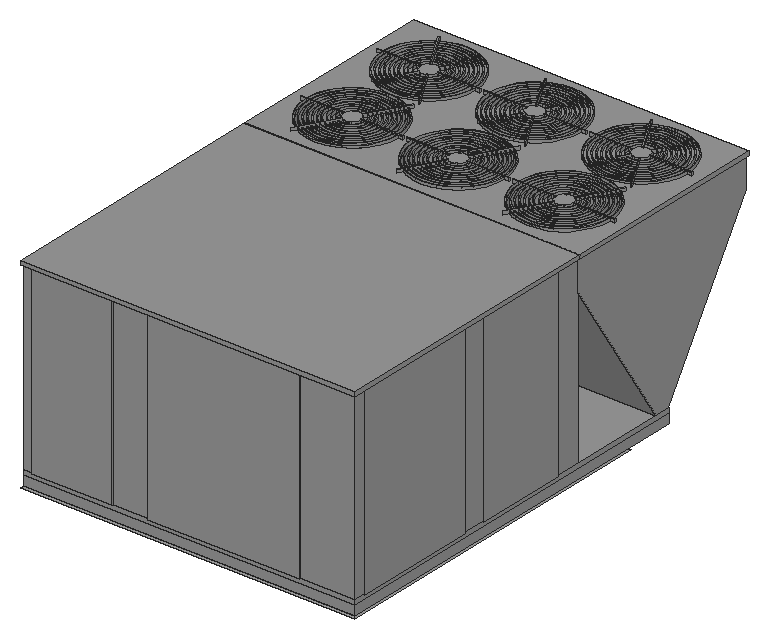
Revit family "RTU-1", category Mechanical Equipment, host Face, Revit 2025
Family settings
  Host = Face
  Round Connector Dimension = Use Diameter
  Classification = None
  Part Type = Normal
  Cut with Voids When Loaded = No
  Maintain Annotation Orientation = Yes
  Shared = No
  Room Calculation Point = No
Parameters (values of type "LCH 240 H4B K 1Y")
  URL = "https://tech.lennoxintl.com/C03e7o14l/VIu12Ch2uV/ehb_lch_cbox_2109.pdf"
  Model = "LCH 240 H4B K 1Y"
  Material = Aluminum 1100-O
  Manufacturer = "LENNOX"
  Grill Material = Steel, Paint Finish, Dark Gray
  Default Elevation = 48"
Reference planes (in)
  plane 1 "Center (Front/Back)": y = 0
  plane 2: z = 0
  plane 3 "Center (Left/Right)": x = 0
  plane 4: z = 45.1875
  plane 5: y = 48.375
  plane 6: through (-28.53125, 37.65625, 55) normal (-0.7071, -0.7071, 0)
  plane 7: through (-28.53125, 37.65625, 55) normal (-0.7071, 0.7071, 0)
  plane 8: through (-28.53125, 37.65625, 55) normal (0.7071, -0.7071, 0)
  plane 9: through (-28.53125, 37.65625, 55) normal (0.7071, 0.7071, 0)
  plane 10: x = -30.90625
  plane 11: x = -31.90625
  plane 12: x = -32.90625
  plane 13: x = -33.90625
  plane 14: x = -34.90625
  plane 15: x = -35.90625
  plane 16: x = -36.90625
  plane 17: x = -37.90625
  plane 18: x = -38.90625
  plane 19: x = -39.90625
  plane 20: x = -40.90625
  plane 21: x = -42.34375
  plane 22: x = -41.03125
  plane 23: x = -14.71875
  plane 24: x = -16.03125
  plane 25: y = 52.625
  plane 26: y = 50.5
  plane 27: y = 22.25
  plane 28: y = 78.9375
  plane 29: y = 50.59375
  plane 30: x = -30.90625
  plane 31: x = -31.90625
  plane 32: x = -32.90625
  plane 33: x = -33.90625
  plane 34: x = -34.90625
  plane 35: x = -35.90625
  plane 36: x = -36.90625
  plane 37: x = -37.90625
  plane 38: x = -38.90625
  plane 39: x = -39.90625
  plane 40: x = -40.90625
  plane 41: x = -42.34375
  plane 42: x = -41.03125
  plane 43: x = -14.71875
  plane 44: x = -16.03125
  plane 45: x = -2.375
  plane 46: x = -3.375
  plane 47: x = -4.375
  plane 48: x = -5.375
  plane 49: x = -6.375
  plane 50: x = -7.375
  plane 51: x = -8.375
  plane 52: x = -9.375
  plane 53: x = -10.375
  plane 54: x = -11.375
  plane 55: x = -12.375
  plane 56: x = -13.8125
  plane 57: x = -12.5
  plane 58: x = 13.8125
  plane 59: x = 12.5
  plane 60: x = 26.15625
  plane 61: x = 25.15625
  plane 62: x = 24.15625
  plane 63: x = 23.15625
  plane 64: x = 22.15625
  plane 65: x = 21.15625
  plane 66: x = 20.15625
  plane 67: x = 19.15625
  plane 68: x = 18.15625
  plane 69: x = 17.15625
  plane 70: x = 16.15625
  plane 71: x = 14.71875
  plane 72: x = 16.03125
  plane 73: x = 42.34375
  plane 74: x = 41.03125
  plane 75: through (-36.72095, 74.75222, 110.75) normal (-0.5, 0.866, 0)
  plane 76: through (-34.78125, 74.35657, 110.75) normal (0.5, -0.866, 0)
  plane 77: through (-20.34155, 74.75222, 110.75) normal (-0.5, -0.866, 0)
  plane 78: through (-22.28125, 74.35657, 110.75) normal (0.5, 0.866, 0)
  plane 79: through (-36.72095, 52.31028, 110.75) normal (0.5, 0.866, 0)
  plane 80: through (-34.78125, 52.70593, 110.75) normal (-0.5, -0.866, 0)
  plane 81: through (-20.34155, 52.31028, 110.75) normal (0.5, -0.866, 0)
  plane 82: through (-22.28125, 52.70593, 110.75) normal (-0.5, 0.866, 0)
  plane 83: through (-36.72095, 26.43528, 110.75) normal (0.5, 0.866, 0)
  plane 84: through (-34.78125, 26.83093, 110.75) normal (-0.5, -0.866, 0)
  plane 85: through (-20.34155, 26.43528, 110.75) normal (0.5, -0.866, 0)
  plane 86: through (-22.28125, 26.83093, 110.75) normal (-0.5, 0.866, 0)
  plane 87: through (-36.72095, 48.87722, 110.75) normal (-0.5, 0.866, 0)
  plane 88: through (-34.78125, 48.48157, 110.75) normal (0.5, -0.866, 0)
  plane 89: through (-20.34155, 48.87722, 110.75) normal (-0.5, -0.866, 0)
  plane 90: through (-22.28125, 48.48157, 110.75) normal (0.5, 0.866, 0)
  plane 91: through (-8.1897, 74.75222, 110.75) normal (-0.5, 0.866, 0)
  plane 92: through (-6.25, 74.35657, 110.75) normal (0.5, -0.866, 0)
  plane 93: through (8.1897, 74.75222, 110.75) normal (-0.5, -0.866, 0)
  plane 94: through (6.25, 74.35657, 110.75) normal (0.5, 0.866, 0)
  plane 95: through (-8.1897, 52.31028, 110.75) normal (0.5, 0.866, 0)
  plane 96: through (-6.25, 52.70593, 110.75) normal (-0.5, -0.866, 0)
  plane 97: through (8.1897, 52.31028, 110.75) normal (0.5, -0.866, 0)
  plane 98: through (6.25, 52.70593, 110.75) normal (-0.5, 0.866, 0)
  plane 99: through (20.34155, 74.75222, 110.75) normal (-0.5, 0.866, 0)
  plane 100: through (22.28125, 74.35657, 110.75) normal (0.5, -0.866, 0)
  plane 101: through (36.72095, 74.75222, 110.75) normal (-0.5, -0.866, 0)
  plane 102: through (34.78125, 74.35657, 110.75) normal (0.5, 0.866, 0)
  plane 103: through (20.34155, 52.31028, 110.75) normal (0.5, 0.866, 0)
  plane 104: through (22.28125, 52.70593, 110.75) normal (-0.5, -0.866, 0)
  plane 105: through (36.72095, 52.31028, 110.75) normal (0.5, -0.866, 0)
  plane 106: through (34.78125, 52.70593, 110.75) normal (-0.5, 0.866, 0)
  plane 107: x = -30.90625
  plane 108: x = -31.90625
  plane 109: x = -32.90625
  plane 110: x = -33.90625
  plane 111: x = -34.90625
  plane 112: x = -35.90625
  plane 113: x = -36.90625
  plane 114: x = -37.90625
  plane 115: x = -38.90625
  plane 116: x = -39.90625
  plane 117: x = -40.90625
  plane 118: x = -42.34375
  plane 119: x = -41.03125
  plane 120: x = -14.71875
  plane 121: x = -16.03125
  plane 122: x = -2.375
  plane 123: x = -3.375
  plane 124: x = -4.375
  plane 125: x = -5.375
  plane 126: x = -6.375
  plane 127: x = -7.375
  plane 128: x = -8.375
  plane 129: x = -9.375
  plane 130: x = -10.375
  plane 131: x = -11.375
  plane 132: x = -12.375
  plane 133: x = -13.8125
  plane 134: x = -12.5
  plane 135: x = 13.8125
  plane 136: x = 12.5
  plane 137: x = 26.15625
  plane 138: x = 25.15625
  plane 139: x = 24.15625
  plane 140: x = 23.15625
  plane 141: x = 22.15625
  plane 142: x = 21.15625
  plane 143: x = 20.15625
  plane 144: x = 19.15625
  plane 145: x = 18.15625
  plane 146: x = 17.15625
  plane 147: x = 16.15625
  plane 148: x = 14.71875
  plane 149: x = 16.03125
  plane 150: x = 42.34375
  plane 151: x = 41.03125
  plane 152: through (-36.72095, 26.43528, 110.75) normal (0.5, 0.866, 0)
  plane 153: through (-34.78125, 26.83093, 110.75) normal (-0.5, -0.866, 0)
  plane 154: through (-20.34155, 26.43528, 110.75) normal (0.5, -0.866, 0)
  plane 155: through (-22.28125, 26.83093, 110.75) normal (-0.5, 0.866, 0)
  plane 156: through (-36.72095, 48.87722, 110.75) normal (-0.5, 0.866, 0)
  plane 157: through (-34.78125, 48.48157, 110.75) normal (0.5, -0.866, 0)
  plane 158: through (-20.34155, 48.87722, 110.75) normal (-0.5, -0.866, 0)
  plane 159: through (-22.28125, 48.48157, 110.75) normal (0.5, 0.866, 0)
  plane 160: through (-8.1897, 26.43528, 110.75) normal (0.5, 0.866, 0)
  plane 161: through (-6.25, 26.83093, 110.75) normal (-0.5, -0.866, 0)
  plane 162: through (8.1897, 26.43528, 110.75) normal (0.5, -0.866, 0)
  plane 163: through (6.25, 26.83093, 110.75) normal (-0.5, 0.866, 0)
  plane 164: through (-8.1897, 48.87722, 110.75) normal (-0.5, 0.866, 0)
  plane 165: through (-6.25, 48.48157, 110.75) normal (0.5, -0.866, 0)
  plane 166: through (8.1897, 48.87722, 110.75) normal (-0.5, -0.866, 0)
  plane 167: through (6.25, 48.48157, 110.75) normal (0.5, 0.866, 0)
  plane 168: through (20.34155, 26.43528, 110.75) normal (0.5, 0.866, 0)
  plane 169: through (22.28125, 26.83093, 110.75) normal (-0.5, -0.866, 0)
  plane 170: through (36.72095, 26.43528, 110.75) normal (0.5, -0.866, 0)
  plane 171: through (34.78125, 26.83093, 110.75) normal (-0.5, 0.866, 0)
  plane 172: through (20.34155, 48.87722, 110.75) normal (-0.5, 0.866, 0)
  plane 173: through (22.28125, 48.48157, 110.75) normal (0.5, -0.866, 0)
  plane 174: through (36.72095, 48.87722, 110.75) normal (-0.5, -0.866, 0)
  plane 175: through (34.78125, 48.48157, 110.75) normal (0.5, 0.866, 0)
Forms (in)
  Extrusion 1, solid, material "Aluminum 1100-O" <- "Material"
    sketch origin (0, 0, 0) x (1, 0, 0) y (0, 1, 0)
      loop
        line (-44.5625, 22.25) -> (-44.5625, -52.75) -> (44.5625, -52.75) -> (44.5625, 22.25) -> (-44.5625, 22.25)
    from 4.125 to 53.5625
  Extrusion 2, solid, material "Aluminum 1100-O" <- "Material"
    sketch origin (0, 0, -50.125) x (1, 0, 0) y (0, 1, 0)
      loop
        line (-44.5625, 52.75) -> (-44.5625, -52.75) -> (44.5625, -52.75) -> (44.5625, 52.75) -> (-44.5625, 52.75)
    from 53.0625 to 54.25
  Extrusion 3, solid, material "Aluminum 1100-O" <- "Material"
    sketch origin (0, 0, -51.3125) x (1, 0, 0) y (0, 1, 0)
      loop
        line (-44.5625, 52.75) -> (-44.5625, -52.75) -> (44.5625, -52.75) -> (44.5625, 52.75) -> (-44.5625, 52.75)
    from 51.6875 to 54.25
  Blend 4, solid, material "Aluminum 1100-O" <- "Material"
    base sketch origin (0, 0, 0) x (1, 0, 0) y (0, 1, 0)
      loop
        line (-45.0625, 39.41026) -> (-45.0625, -53.25) -> (45.0625, -53.25) -> (45.0625, 39.41026) -> (-45.0625, 39.41026)
    top sketch origin (0, 0, 0) x (1, 0, 0) y (0, 1, 0)
      loop
        line (-44.5625, 38.91026) -> (-44.5625, -52.75) -> (44.5625, -52.75) -> (44.5625, 38.91026) -> (-44.5625, 38.91026)
    from 0 to 0.375
  Extrusion 5, solid, material "Aluminum 1100-O" <- "Material"
    sketch origin (0, 0, 0) x (0, 1, 0) y (0, 0, 1)
      loop
        line (48.375, 4.125) -> (52.625, 4.125) -> (78.75, 45.1875) -> (78.75, 53.5625) -> (22.25, 53.5625) -> (22.25, 45.1875) -> (48.375, 4.125)
    from -44.5625 to 44.5625
  Extrusion 6, solid, material "Aluminum 1100-O" <- "Material"
    sketch origin (0, 0, 0) x (1, 0, 0) y (0, 1, 0)
      loop
        line (-45.0625, 22.25) -> (-45.0625, -53.25) -> (45.0625, -53.25) -> (45.0625, 22.25) -> (-45.0625, 22.25)
    from 53.5625 to 54.625
  Extrusion 7, solid, material "Aluminum 1100-O" <- "Material"
    sketch origin (0, 75.3125, 0) x (1, 0, 0) y (0, 1, 0)
      loop
        line (-45.0625, 3.625) -> (-45.0625, -53.0625) -> (45.0625, -53.0625) -> (45.0625, 3.625) -> (-45.0625, 3.625)
    from 53.5625 to 54.625
  Extrusion 8, void
    sketch origin (-8.58719, -1.71744, 0) x (1, 0, 0) y (0, 1, 0)
      loop
        circle (8.58719, 39.37369) r 12.5
      loop
        circle (-19.94406, 39.37369) r 12.5
      loop
        circle (37.11844, 39.37369) r 12.5
    from 45.45857 to 54.625
  Extrusion 9, solid, material "Steel, Paint Finish, Dark Gray" <- "Grill Material", not visible
    sketch origin (0, 0, 54.625) x (1, 0, 0) y (0, 1, 0)
      loop
        circle (-28.53125, 37.65625) r 2.375
      loop
        circle (-28.53125, 37.65625) r 3.375
      loop
        circle (-28.53125, 37.65625) r 3.5
      loop
        circle (-28.53125, 37.65625) r 4.375
      loop
        circle (-28.53125, 37.65625) r 5.25
      loop
        circle (-28.53125, 37.65625) r 4.5
      loop
        circle (-28.53125, 37.65625) r 5.375
      loop
        circle (-28.53125, 37.65625) r 6.375
      loop
        circle (-28.53125, 37.65625) r 7.375
      loop
        circle (-28.53125, 37.65625) r 9.375
      loop
        circle (-28.53125, 37.65625) r 10.375
      loop
        circle (-28.53125, 37.65625) r 11.375
      loop
        circle (-28.53125, 37.65625) r 12.375
      loop
        circle (-28.53125, 37.65625) r 12.5
      loop
        circle (-28.53125, 37.65625) r 7.5
      loop
        circle (-28.53125, 37.65625) r 9.5
      loop
        circle (-28.53125, 37.65625) r 10.5
      loop
        circle (-28.53125, 37.65625) r 11.5
      loop
        circle (-28.53125, 37.65625) r 8.375
      loop
        circle (-28.53125, 37.65625) r 8.5
      loop
        circle (-28.53125, 37.65625) r 6.5
    from 0 to 0.625
  Extrusion 10, solid, material "Steel, Paint Finish, Dark Gray" <- "Grill Material", not visible
    sketch origin (0, 0, 55.75) x (1, 0, 0) y (0, 1, 0)
      loop
        line (-42.34375, 37.78125) -> (-42.34375, 37.53125) -> (-30.90296, 37.53125)
        arc (-30.90296, 37.53125) -> (-30.90543, 37.59373) -> (-30.90625, 37.65625) r 2.375
        arc (-30.90625, 37.65625) -> (-30.90543, 37.71877) -> (-30.90296, 37.78125) r 2.375
        line (-30.90296, 37.78125) -> (-42.34375, 37.78125)
    from -1.125 to -0.3427
  Extrusion 11, solid, material "Steel, Paint Finish, Dark Gray" <- "Grill Material", not visible
    sketch origin (-57.0625, 0, 55.75) x (-1, 0, 0) y (0, -1, 0)
      loop
        line (-42.34375, -37.78125) -> (-30.90296, -37.78125)
        arc (-30.90296, -37.78125) -> (-30.90543, -37.71877) -> (-30.90625, -37.65625) r 2.375
        arc (-30.90625, -37.65625) -> (-30.90543, -37.59373) -> (-30.90296, -37.53125) r 2.375
        line (-30.90296, -37.53125) -> (-42.34375, -37.53125) -> (-42.34375, -37.78125)
    from -1.125 to -0.3427
  Extrusion 12, void
    sketch origin (0, 0, 0) x (1, 0, 0) y (0, 1, 0)
      loop
        line (-40.8125, 19.625) -> (-40.8125, -40.875) -> (-25.8125, -40.875) -> (-25.8125, 19.625) -> (-40.8125, 19.625)
      loop
        line (12.1875, -40.875) -> (12.1875, 19.625) -> (-7.8125, 19.625) -> (-7.8125, -40.875) -> (12.1875, -40.875)
      loop
        line (33.0625, -44.25) -> (33.0625, -49.25) -> (41.0625, -49.25) -> (41.0625, -44.25) -> (33.0625, -44.25)
    from 0 to 12
  Extrusion 13, solid, material "Steel, Paint Finish, Dark Gray" <- "Grill Material"
    sketch origin (0, 101.1875, 54.625) x (1, 0, 0) y (0, 1, 0)
      loop
        circle (-28.53125, -37.65625) r 2.375
      loop
        circle (-28.53125, -37.65625) r 3.375
      loop
        circle (-28.53125, -37.65625) r 3.5
      loop
        circle (-28.53125, -37.65625) r 4.375
      loop
        circle (-28.53125, -37.65625) r 5.25
      loop
        circle (-28.53125, -37.65625) r 4.5
      loop
        circle (-28.53125, -37.65625) r 5.375
      loop
        circle (-28.53125, -37.65625) r 6.375
      loop
        circle (-28.53125, -37.65625) r 7.375
      loop
        circle (-28.53125, -37.65625) r 9.375
      loop
        circle (-28.53125, -37.65625) r 10.375
      loop
        circle (-28.53125, -37.65625) r 11.375
      loop
        circle (-28.53125, -37.65625) r 12.375
      loop
        circle (-28.53125, -37.65625) r 12.5
      loop
        circle (-28.53125, -37.65625) r 7.5
      loop
        circle (-28.53125, -37.65625) r 9.5
      loop
        circle (-28.53125, -37.65625) r 10.5
      loop
        circle (-28.53125, -37.65625) r 11.5
      loop
        circle (-28.53125, -37.65625) r 8.375
      loop
        circle (-28.53125, -37.65625) r 8.5
      loop
        circle (-28.53125, -37.65625) r 6.5
    from 0 to 0.625
  Extrusion 14, solid, material "Steel, Paint Finish, Dark Gray" <- "Grill Material"
    sketch origin (0, 101.1875, 55.75) x (1, 0, 0) y (0, 1, 0)
      loop
        line (-42.34375, -37.78125) -> (-30.90296, -37.78125)
        arc (-30.90296, -37.78125) -> (-30.90543, -37.71877) -> (-30.90625, -37.65625) r 2.375
        arc (-30.90625, -37.65625) -> (-30.90543, -37.59373) -> (-30.90296, -37.53125) r 2.375
        line (-30.90296, -37.53125) -> (-42.34375, -37.53125) -> (-42.34375, -37.78125)
    from -1.125 to -0.3427
  Extrusion 15, solid, material "Steel, Paint Finish, Dark Gray" <- "Grill Material"
    sketch origin (-57.0625, 101.1875, 55.75) x (-1, 0, 0) y (0, -1, 0)
      loop
        line (-42.34375, 37.78125) -> (-42.34375, 37.53125) -> (-30.90296, 37.53125)
        arc (-30.90296, 37.53125) -> (-30.90543, 37.59373) -> (-30.90625, 37.65625) r 2.375
        arc (-30.90625, 37.65625) -> (-30.90543, 37.71877) -> (-30.90296, 37.78125) r 2.375
        line (-30.90296, 37.78125) -> (-42.34375, 37.78125)
    from -1.125 to -0.3427
  Extrusion 16, solid, material "Steel, Paint Finish, Dark Gray" <- "Grill Material"
    sketch origin (28.53125, 101.1875, 54.625) x (1, 0, 0) y (0, 1, 0)
      loop
        circle (-28.53125, -37.65625) r 2.375
      loop
        circle (-28.53125, -37.65625) r 3.375
      loop
        circle (-28.53125, -37.65625) r 3.5
      loop
        circle (-28.53125, -37.65625) r 4.375
      loop
        circle (-28.53125, -37.65625) r 5.25
      loop
        circle (-28.53125, -37.65625) r 4.5
      loop
        circle (-28.53125, -37.65625) r 5.375
      loop
        circle (-28.53125, -37.65625) r 6.375
      loop
        circle (-28.53125, -37.65625) r 7.375
      loop
        circle (-28.53125, -37.65625) r 9.375
      loop
        circle (-28.53125, -37.65625) r 10.375
      loop
        circle (-28.53125, -37.65625) r 11.375
      loop
        circle (-28.53125, -37.65625) r 12.375
      loop
        circle (-28.53125, -37.65625) r 12.5
      loop
        circle (-28.53125, -37.65625) r 7.5
      loop
        circle (-28.53125, -37.65625) r 9.5
      loop
        circle (-28.53125, -37.65625) r 10.5
      loop
        circle (-28.53125, -37.65625) r 11.5
      loop
        circle (-28.53125, -37.65625) r 8.375
      loop
        circle (-28.53125, -37.65625) r 8.5
      loop
        circle (-28.53125, -37.65625) r 6.5
    from 0 to 0.625
  Extrusion 17, solid, material "Steel, Paint Finish, Dark Gray" <- "Grill Material"
    sketch origin (28.53125, 101.1875, 55.75) x (1, 0, 0) y (0, 1, 0)
      loop
        line (-42.34375, -37.78125) -> (-30.90296, -37.78125)
        arc (-30.90296, -37.78125) -> (-30.90543, -37.71877) -> (-30.90625, -37.65625) r 2.375
        arc (-30.90625, -37.65625) -> (-30.90543, -37.59373) -> (-30.90296, -37.53125) r 2.375
        line (-30.90296, -37.53125) -> (-42.34375, -37.53125) -> (-42.34375, -37.78125)
    from -1.125 to -0.3427
  Extrusion 18, solid, material "Steel, Paint Finish, Dark Gray" <- "Grill Material"
    sketch origin (-28.53125, 101.1875, 55.75) x (-1, 0, 0) y (0, -1, 0)
      loop
        line (-42.34375, 37.78125) -> (-42.34375, 37.53125) -> (-30.90296, 37.53125)
        arc (-30.90296, 37.53125) -> (-30.90543, 37.59373) -> (-30.90625, 37.65625) r 2.375
        arc (-30.90625, 37.65625) -> (-30.90543, 37.71877) -> (-30.90296, 37.78125) r 2.375
        line (-30.90296, 37.78125) -> (-42.34375, 37.78125)
    from -1.125 to -0.3427
  Extrusion 19, solid, material "Steel, Paint Finish, Dark Gray" <- "Grill Material"
    sketch origin (57.0625, 0, 54.625) x (1, 0, 0) y (0, 1, 0)
      loop
        circle (-28.53125, 63.53125) r 2.375
      loop
        circle (-28.53125, 63.53125) r 3.375
      loop
        circle (-28.53125, 63.53125) r 3.5
      loop
        circle (-28.53125, 63.53125) r 4.375
      loop
        circle (-28.53125, 63.53125) r 5.25
      loop
        circle (-28.53125, 63.53125) r 4.5
      loop
        circle (-28.53125, 63.53125) r 5.375
      loop
        circle (-28.53125, 63.53125) r 6.375
      loop
        circle (-28.53125, 63.53125) r 7.375
      loop
        circle (-28.53125, 63.53125) r 9.375
      loop
        circle (-28.53125, 63.53125) r 10.375
      loop
        circle (-28.53125, 63.53125) r 11.375
      loop
        circle (-28.53125, 63.53125) r 12.375
      loop
        circle (-28.53125, 63.53125) r 12.5
      loop
        circle (-28.53125, 63.53125) r 7.5
      loop
        circle (-28.53125, 63.53125) r 9.5
      loop
        circle (-28.53125, 63.53125) r 10.5
      loop
        circle (-28.53125, 63.53125) r 11.5
      loop
        circle (-28.53125, 63.53125) r 8.375
      loop
        circle (-28.53125, 63.53125) r 8.5
      loop
        circle (-28.53125, 63.53125) r 6.5
    from 0 to 0.625
  Extrusion 20, solid, material "Steel, Paint Finish, Dark Gray" <- "Grill Material"
    sketch origin (57.0625, 0, 55.75) x (1, 0, 0) y (0, 1, 0)
      loop
        line (-42.34375, 63.40625) -> (-30.90296, 63.40625)
        arc (-30.90296, 63.40625) -> (-30.90543, 63.46873) -> (-30.90625, 63.53125) r 2.375
        arc (-30.90625, 63.53125) -> (-30.90543, 63.59377) -> (-30.90296, 63.65625) r 2.375
        line (-30.90296, 63.65625) -> (-42.34375, 63.65625) -> (-42.34375, 63.40625)
    from -1.125 to -0.3427
  Extrusion 21, solid, material "Steel, Paint Finish, Dark Gray" <- "Grill Material"
    sketch origin (0, 0, 55.75) x (-1, 0, 0) y (0, -1, 0)
      loop
        line (-42.34375, -63.40625) -> (-42.34375, -63.65625) -> (-30.90296, -63.65625)
        arc (-30.90296, -63.65625) -> (-30.90543, -63.59377) -> (-30.90625, -63.53125) r 2.375
        arc (-30.90625, -63.53125) -> (-30.90543, -63.46873) -> (-30.90296, -63.40625) r 2.375
        line (-30.90296, -63.40625) -> (-42.34375, -63.40625)
    from -1.125 to -0.3427
  Extrusion 22, solid, material "Steel, Paint Finish, Dark Gray" <- "Grill Material"
    sketch origin (-69.2853, 108.24434, 55.75) x (0.5, -0.866025, 0) y (0.866025, 0.5, 0)
      loop
        line (45.2872, 12.8125) -> (56.72799, 12.8125)
        arc (56.72799, 12.8125) -> (56.72552, 12.87498) -> (56.7247, 12.9375) r 2.375
        arc (56.7247, 12.9375) -> (56.72552, 13.00002) -> (56.72799, 13.0625) r 2.375
        line (56.72799, 13.0625) -> (45.2872, 13.0625) -> (45.2872, 12.8125)
    from -1.125 to -0.3427
  Extrusion 23, solid, material "Steel, Paint Finish, Dark Gray" <- "Grill Material"
    sketch origin (12.2228, 108.24434, 55.75) x (-0.5, -0.866025, 0) y (0.866025, -0.5, 0)
      loop
        line (53.86779, -12.8125) -> (53.86779, -13.0625) -> (56.72799, -13.0625)
        arc (56.72799, -13.0625) -> (56.72552, -13.00002) -> (56.7247, -12.9375) r 2.375
        arc (56.7247, -12.9375) -> (56.72552, -12.87498) -> (56.72799, -12.8125) r 2.375
        line (56.72799, -12.8125) -> (53.86779, -12.8125)
    from -1.125 to -0.3427
  Extrusion 24, solid, material "Steel, Paint Finish, Dark Gray" <- "Grill Material"
    sketch origin (-69.2853, 221.19316, 55.75) x (0.5, 0.866025, 0) y (-0.866025, 0.5, 0)
      loop
        line (-121.3941, -114) -> (-121.3941, -114.25) -> (-118.5339, -114.25)
        arc (-118.5339, -114.25) -> (-118.53637, -114.18752) -> (-118.5372, -114.125) r 2.375
        arc (-118.5372, -114.125) -> (-118.53637, -114.06248) -> (-118.5339, -114) r 2.375
        line (-118.5339, -114) -> (-121.3941, -114)
    from -1.125 to -0.3427
  Extrusion 25, solid, material "Steel, Paint Finish, Dark Gray" <- "Grill Material"
    sketch origin (12.2228, 221.19316, 55.75) x (-0.5, 0.866025, 0) y (-0.866025, -0.5, 0)
      loop
        line (-129.9747, 114) -> (-118.5339, 114)
        arc (-118.5339, 114) -> (-118.53637, 114.06248) -> (-118.5372, 114.125) r 2.375
        arc (-118.5372, 114.125) -> (-118.53637, 114.18752) -> (-118.5339, 114.25) r 2.375
        line (-118.5339, 114.25) -> (-129.9747, 114.25) -> (-129.9747, 114)
    from -1.125 to -0.3427
  Extrusion 26, solid, material "Steel, Paint Finish, Dark Gray" <- "Grill Material", not visible
    sketch origin (-69.2853, 7.05684, 55.75) x (0.5, -0.866025, 0) y (0.866025, 0.5, 0)
      loop
        line (0.67515, 38.56927) -> (0.89166, 38.69427) -> (-4.82874, 48.60229)
        arc (-4.82874, 48.60229) -> (-4.88161, 48.56891) -> (-4.93534, 48.53694) r 2.375
        arc (-4.93534, 48.53694) -> (-4.9899, 48.50639) -> (-5.04524, 48.47729) r 2.375
        line (-5.04524, 48.47729) -> (0.67515, 38.56927)
    from -1.125 to -0.3427
  Extrusion 27, solid, material "Steel, Paint Finish, Dark Gray" <- "Grill Material", not visible
    sketch origin (12.2228, 7.05684, 55.75) x (-0.5, -0.866025, 0) y (0.866025, -0.5, 0)
      loop
        line (0.67515, -48.47729) -> (-5.04524, -48.47729)
        arc (-5.04524, -48.47729) -> (-4.9899, -48.50639) -> (-4.93534, -48.53694) r 2.375
        arc (-4.93534, -48.53694) -> (-4.88161, -48.56891) -> (-4.82874, -48.60229) r 2.375
        line (-4.82874, -48.60229) -> (0.67515, -48.60229) -> (0.67515, -48.47729)
    from -1.125 to -0.3427
  Extrusion 28, solid, material "Steel, Paint Finish, Dark Gray" <- "Grill Material", not visible
    sketch origin (-69.2853, 120.00566, 55.75) x (0.5, 0.866025, 0) y (-0.866025, 0.5, 0)
      loop
        line (-44.14166, -74.35229) -> (-49.86206, -74.35229)
        arc (-49.86206, -74.35229) -> (-49.80671, -74.38139) -> (-49.75216, -74.41194) r 2.375
        arc (-49.75216, -74.41194) -> (-49.69842, -74.44391) -> (-49.64555, -74.47729) r 2.375
        line (-49.64555, -74.47729) -> (-44.14166, -74.47729) -> (-44.14166, -74.35229)
    from -1.125 to -0.3427
  Extrusion 29, solid, material "Steel, Paint Finish, Dark Gray" <- "Grill Material", not visible
    sketch origin (12.2228, 120.00566, 55.75) x (-0.5, 0.866025, 0) y (-0.866025, -0.5, 0)
      loop
        line (-44.14166, 64.44427) -> (-43.92515, 64.56927) -> (-49.64555, 74.47729)
        arc (-49.64555, 74.47729) -> (-49.69842, 74.44391) -> (-49.75216, 74.41194) r 2.375
        arc (-49.75216, 74.41194) -> (-49.80671, 74.38139) -> (-49.86206, 74.35229) r 2.375
        line (-49.86206, 74.35229) -> (-44.14166, 64.44427)
    from -1.125 to -0.3427
  Extrusion 30, solid, material "Steel, Paint Finish, Dark Gray" <- "Grill Material"
    sketch origin (-40.75405, 108.24434, 55.75) x (0.5, -0.866025, 0) y (0.866025, 0.5, 0)
      loop
        line (45.2872, 12.8125) -> (56.72799, 12.8125)
        arc (56.72799, 12.8125) -> (56.72552, 12.87498) -> (56.7247, 12.9375) r 2.375
        arc (56.7247, 12.9375) -> (56.72552, 13.00002) -> (56.72799, 13.0625) r 2.375
        line (56.72799, 13.0625) -> (45.2872, 13.0625) -> (45.2872, 12.8125)
    from -1.125 to -0.3427
  Extrusion 31, solid, material "Steel, Paint Finish, Dark Gray" <- "Grill Material"
    sketch origin (40.75405, 108.24434, 55.75) x (-0.5, -0.866025, 0) y (0.866025, -0.5, 0)
      loop
        line (53.86779, -12.8125) -> (53.86779, -13.0625) -> (56.72799, -13.0625)
        arc (56.72799, -13.0625) -> (56.72552, -13.00002) -> (56.7247, -12.9375) r 2.375
        arc (56.7247, -12.9375) -> (56.72552, -12.87498) -> (56.72799, -12.8125) r 2.375
        line (56.72799, -12.8125) -> (53.86779, -12.8125)
    from -1.125 to -0.3427
  Extrusion 32, solid, material "Steel, Paint Finish, Dark Gray" <- "Grill Material"
    sketch origin (-40.75405, 221.19316, 55.75) x (0.5, 0.866025, 0) y (-0.866025, 0.5, 0)
      loop
        line (-121.3941, -114) -> (-121.3941, -114.25) -> (-118.5339, -114.25)
        arc (-118.5339, -114.25) -> (-118.53637, -114.18752) -> (-118.5372, -114.125) r 2.375
        arc (-118.5372, -114.125) -> (-118.53637, -114.06248) -> (-118.5339, -114) r 2.375
        line (-118.5339, -114) -> (-121.3941, -114)
    from -1.125 to -0.3427
  Extrusion 33, solid, material "Steel, Paint Finish, Dark Gray" <- "Grill Material"
    sketch origin (40.75405, 221.19316, 55.75) x (-0.5, 0.866025, 0) y (-0.866025, -0.5, 0)
      loop
        line (-129.9747, 114) -> (-118.5339, 114)
        arc (-118.5339, 114) -> (-118.53637, 114.06248) -> (-118.5372, 114.125) r 2.375
        arc (-118.5372, 114.125) -> (-118.53637, 114.18752) -> (-118.5339, 114.25) r 2.375
        line (-118.5339, 114.25) -> (-129.9747, 114.25) -> (-129.9747, 114)
    from -1.125 to -0.3427
  Extrusion 34, solid, material "Steel, Paint Finish, Dark Gray" <- "Grill Material"
    sketch origin (-12.2228, 7.05684, 55.75) x (0.5, -0.866025, 0) y (0.866025, 0.5, 0)
      loop
        line (-42.34375, 63.40625) -> (-30.90296, 63.40625)
        arc (-30.90296, 63.40625) -> (-30.90543, 63.46873) -> (-30.90625, 63.53125) r 2.375
        arc (-30.90625, 63.53125) -> (-30.90543, 63.59377) -> (-30.90296, 63.65625) r 2.375
        line (-30.90296, 63.65625) -> (-42.34375, 63.65625) -> (-42.34375, 63.40625)
    from -1.125 to -0.3427
  Extrusion 35, solid, material "Steel, Paint Finish, Dark Gray" <- "Grill Material"
    sketch origin (69.2853, 7.05684, 55.75) x (-0.5, -0.866025, 0) y (0.866025, -0.5, 0)
      loop
        line (-33.76316, -63.40625) -> (-33.76316, -63.65625) -> (-30.90296, -63.65625)
        arc (-30.90296, -63.65625) -> (-30.90543, -63.59377) -> (-30.90625, -63.53125) r 2.375
        arc (-30.90625, -63.53125) -> (-30.90543, -63.46873) -> (-30.90296, -63.40625) r 2.375
        line (-30.90296, -63.40625) -> (-33.76316, -63.40625)
    from -1.125 to -0.3427
  Extrusion 36, solid, material "Steel, Paint Finish, Dark Gray" <- "Grill Material"
    sketch origin (-12.2228, 120.00566, 55.75) x (0.5, 0.866025, 0) y (-0.866025, 0.5, 0)
      loop
        line (-33.76316, -63.40625) -> (-33.76316, -63.65625) -> (-30.90296, -63.65625)
        arc (-30.90296, -63.65625) -> (-30.90543, -63.59377) -> (-30.90625, -63.53125) r 2.375
        arc (-30.90625, -63.53125) -> (-30.90543, -63.46873) -> (-30.90296, -63.40625) r 2.375
        line (-30.90296, -63.40625) -> (-33.76316, -63.40625)
    from -1.125 to -0.3427
  Extrusion 37, solid, material "Steel, Paint Finish, Dark Gray" <- "Grill Material"
    sketch origin (69.2853, 120.00566, 55.75) x (-0.5, 0.866025, 0) y (-0.866025, -0.5, 0)
      loop
        line (-42.34375, 63.40625) -> (-30.90296, 63.40625)
        arc (-30.90296, 63.40625) -> (-30.90543, 63.46873) -> (-30.90625, 63.53125) r 2.375
        arc (-30.90625, 63.53125) -> (-30.90543, 63.59377) -> (-30.90296, 63.65625) r 2.375
        line (-30.90296, 63.65625) -> (-42.34375, 63.65625) -> (-42.34375, 63.40625)
    from -1.125 to -0.3427
  Extrusion 38, solid, material "Steel, Paint Finish, Dark Gray" <- "Grill Material"
    sketch origin (0, 0, 54.625) x (1, 0, 0) y (0, 1, 0)
      loop
        circle (-28.53125, 37.65625) r 2.375
      loop
        circle (-28.53125, 37.65625) r 3.375
      loop
        circle (-28.53125, 37.65625) r 3.5
      loop
        circle (-28.53125, 37.65625) r 4.375
      loop
        circle (-28.53125, 37.65625) r 5.25
      loop
        circle (-28.53125, 37.65625) r 4.5
      loop
        circle (-28.53125, 37.65625) r 5.375
      loop
        circle (-28.53125, 37.65625) r 6.375
      loop
        circle (-28.53125, 37.65625) r 7.375
      loop
        circle (-28.53125, 37.65625) r 9.375
      loop
        circle (-28.53125, 37.65625) r 10.375
      loop
        circle (-28.53125, 37.65625) r 11.375
      loop
        circle (-28.53125, 37.65625) r 12.375
      loop
        circle (-28.53125, 37.65625) r 12.5
      loop
        circle (-28.53125, 37.65625) r 7.5
      loop
        circle (-28.53125, 37.65625) r 9.5
      loop
        circle (-28.53125, 37.65625) r 10.5
      loop
        circle (-28.53125, 37.65625) r 11.5
      loop
        circle (-28.53125, 37.65625) r 8.375
      loop
        circle (-28.53125, 37.65625) r 8.5
      loop
        circle (-28.53125, 37.65625) r 6.5
    from 0 to 0.625
  Extrusion 39, solid, material "Steel, Paint Finish, Dark Gray" <- "Grill Material"
    sketch origin (0, 0, 55.75) x (1, 0, 0) y (0, 1, 0)
      loop
        line (-42.34375, 37.78125) -> (-42.34375, 37.53125) -> (-30.90296, 37.53125)
        arc (-30.90296, 37.53125) -> (-30.90543, 37.59373) -> (-30.90625, 37.65625) r 2.375
        arc (-30.90625, 37.65625) -> (-30.90543, 37.71877) -> (-30.90296, 37.78125) r 2.375
        line (-30.90296, 37.78125) -> (-42.34375, 37.78125)
    from -1.125 to -0.3427
  Extrusion 40, solid, material "Steel, Paint Finish, Dark Gray" <- "Grill Material"
    sketch origin (-57.0625, 0, 55.75) x (-1, 0, 0) y (0, -1, 0)
      loop
        line (-42.34375, -37.78125) -> (-30.90296, -37.78125)
        arc (-30.90296, -37.78125) -> (-30.90543, -37.71877) -> (-30.90625, -37.65625) r 2.375
        arc (-30.90625, -37.65625) -> (-30.90543, -37.59373) -> (-30.90296, -37.53125) r 2.375
        line (-30.90296, -37.53125) -> (-42.34375, -37.53125) -> (-42.34375, -37.78125)
    from -1.125 to -0.3427
  Extrusion 41, solid, material "Steel, Paint Finish, Dark Gray" <- "Grill Material"
    sketch origin (28.53125, 0, 54.625) x (1, 0, 0) y (0, 1, 0)
      loop
        circle (-28.53125, 37.65625) r 2.375
      loop
        circle (-28.53125, 37.65625) r 3.375
      loop
        circle (-28.53125, 37.65625) r 3.5
      loop
        circle (-28.53125, 37.65625) r 4.375
      loop
        circle (-28.53125, 37.65625) r 5.25
      loop
        circle (-28.53125, 37.65625) r 4.5
      loop
        circle (-28.53125, 37.65625) r 5.375
      loop
        circle (-28.53125, 37.65625) r 6.375
      loop
        circle (-28.53125, 37.65625) r 7.375
      loop
        circle (-28.53125, 37.65625) r 9.375
      loop
        circle (-28.53125, 37.65625) r 10.375
      loop
        circle (-28.53125, 37.65625) r 11.375
      loop
        circle (-28.53125, 37.65625) r 12.375
      loop
        circle (-28.53125, 37.65625) r 12.5
      loop
        circle (-28.53125, 37.65625) r 7.5
      loop
        circle (-28.53125, 37.65625) r 9.5
      loop
        circle (-28.53125, 37.65625) r 10.5
      loop
        circle (-28.53125, 37.65625) r 11.5
      loop
        circle (-28.53125, 37.65625) r 8.375
      loop
        circle (-28.53125, 37.65625) r 8.5
      loop
        circle (-28.53125, 37.65625) r 6.5
    from 0 to 0.625
  Extrusion 42, solid, material "Steel, Paint Finish, Dark Gray" <- "Grill Material"
    sketch origin (28.53125, 0, 55.75) x (1, 0, 0) y (0, 1, 0)
      loop
        line (-42.34375, 37.78125) -> (-42.34375, 37.53125) -> (-30.90296, 37.53125)
        arc (-30.90296, 37.53125) -> (-30.90543, 37.59373) -> (-30.90625, 37.65625) r 2.375
        arc (-30.90625, 37.65625) -> (-30.90543, 37.71877) -> (-30.90296, 37.78125) r 2.375
        line (-30.90296, 37.78125) -> (-42.34375, 37.78125)
    from -1.125 to -0.3427
  Extrusion 43, solid, material "Steel, Paint Finish, Dark Gray" <- "Grill Material"
    sketch origin (-28.53125, 0, 55.75) x (-1, 0, 0) y (0, -1, 0)
      loop
        line (-42.34375, -37.78125) -> (-30.90296, -37.78125)
        arc (-30.90296, -37.78125) -> (-30.90543, -37.71877) -> (-30.90625, -37.65625) r 2.375
        arc (-30.90625, -37.65625) -> (-30.90543, -37.59373) -> (-30.90296, -37.53125) r 2.375
        line (-30.90296, -37.53125) -> (-42.34375, -37.53125) -> (-42.34375, -37.78125)
    from -1.125 to -0.3427
  Extrusion 44, solid, material "Steel, Paint Finish, Dark Gray" <- "Grill Material"
    sketch origin (57.0625, 0, 54.625) x (1, 0, 0) y (0, 1, 0)
      loop
        circle (-28.53125, 37.65625) r 2.375
      loop
        circle (-28.53125, 37.65625) r 3.375
      loop
        circle (-28.53125, 37.65625) r 3.5
      loop
        circle (-28.53125, 37.65625) r 4.375
      loop
        circle (-28.53125, 37.65625) r 5.25
      loop
        circle (-28.53125, 37.65625) r 4.5
      loop
        circle (-28.53125, 37.65625) r 5.375
      loop
        circle (-28.53125, 37.65625) r 6.375
      loop
        circle (-28.53125, 37.65625) r 7.375
      loop
        circle (-28.53125, 37.65625) r 9.375
      loop
        circle (-28.53125, 37.65625) r 10.375
      loop
        circle (-28.53125, 37.65625) r 11.375
      loop
        circle (-28.53125, 37.65625) r 12.375
      loop
        circle (-28.53125, 37.65625) r 12.5
      loop
        circle (-28.53125, 37.65625) r 7.5
      loop
        circle (-28.53125, 37.65625) r 9.5
      loop
        circle (-28.53125, 37.65625) r 10.5
      loop
        circle (-28.53125, 37.65625) r 11.5
      loop
        circle (-28.53125, 37.65625) r 8.375
      loop
        circle (-28.53125, 37.65625) r 8.5
      loop
        circle (-28.53125, 37.65625) r 6.5
    from 0 to 0.625
  Extrusion 45, solid, material "Steel, Paint Finish, Dark Gray" <- "Grill Material"
    sketch origin (57.0625, 0, 55.75) x (1, 0, 0) y (0, 1, 0)
      loop
        line (-42.34375, 37.78125) -> (-42.34375, 37.53125) -> (-30.90296, 37.53125)
        arc (-30.90296, 37.53125) -> (-30.90543, 37.59373) -> (-30.90625, 37.65625) r 2.375
        arc (-30.90625, 37.65625) -> (-30.90543, 37.71877) -> (-30.90296, 37.78125) r 2.375
        line (-30.90296, 37.78125) -> (-42.34375, 37.78125)
    from -1.125 to -0.3427
  Extrusion 46, solid, material "Steel, Paint Finish, Dark Gray" <- "Grill Material"
    sketch origin (0, 0, 55.75) x (-1, 0, 0) y (0, -1, 0)
      loop
        line (-42.34375, -37.78125) -> (-30.90296, -37.78125)
        arc (-30.90296, -37.78125) -> (-30.90543, -37.71877) -> (-30.90625, -37.65625) r 2.375
        arc (-30.90625, -37.65625) -> (-30.90543, -37.59373) -> (-30.90296, -37.53125) r 2.375
        line (-30.90296, -37.53125) -> (-42.34375, -37.53125) -> (-42.34375, -37.78125)
    from -1.125 to -0.3427
  Extrusion 47, solid, material "Steel, Paint Finish, Dark Gray" <- "Grill Material"
    sketch origin (-69.2853, 7.05684, 55.75) x (0.5, -0.866025, 0) y (0.866025, 0.5, 0)
      loop
        line (0.67515, 38.56927) -> (0.89166, 38.69427) -> (-4.82874, 48.60229)
        arc (-4.82874, 48.60229) -> (-4.88161, 48.56891) -> (-4.93534, 48.53694) r 2.375
        arc (-4.93534, 48.53694) -> (-4.9899, 48.50639) -> (-5.04524, 48.47729) r 2.375
        line (-5.04524, 48.47729) -> (0.67515, 38.56927)
    from -1.125 to -0.3427
  Extrusion 48, solid, material "Steel, Paint Finish, Dark Gray" <- "Grill Material"
    sketch origin (12.2228, 7.05684, 55.75) x (-0.5, -0.866025, 0) y (0.866025, -0.5, 0)
      loop
        line (0.67515, -48.47729) -> (-5.04524, -48.47729)
        arc (-5.04524, -48.47729) -> (-4.9899, -48.50639) -> (-4.93534, -48.53694) r 2.375
        arc (-4.93534, -48.53694) -> (-4.88161, -48.56891) -> (-4.82874, -48.60229) r 2.375
        line (-4.82874, -48.60229) -> (0.67515, -48.60229) -> (0.67515, -48.47729)
    from -1.125 to -0.3427
  Extrusion 49, solid, material "Steel, Paint Finish, Dark Gray" <- "Grill Material"
    sketch origin (-69.2853, 120.00566, 55.75) x (0.5, 0.866025, 0) y (-0.866025, 0.5, 0)
      loop
        line (-44.14166, -74.35229) -> (-49.86206, -74.35229)
        arc (-49.86206, -74.35229) -> (-49.80671, -74.38139) -> (-49.75216, -74.41194) r 2.375
        arc (-49.75216, -74.41194) -> (-49.69842, -74.44391) -> (-49.64555, -74.47729) r 2.375
        line (-49.64555, -74.47729) -> (-44.14166, -74.47729) -> (-44.14166, -74.35229)
    from -1.125 to -0.3427
  Extrusion 50, solid, material "Steel, Paint Finish, Dark Gray" <- "Grill Material"
    sketch origin (12.2228, 120.00566, 55.75) x (-0.5, 0.866025, 0) y (-0.866025, -0.5, 0)
      loop
        line (-44.14166, 64.44427) -> (-43.92515, 64.56927) -> (-49.64555, 74.47729)
        arc (-49.64555, 74.47729) -> (-49.69842, 74.44391) -> (-49.75216, 74.41194) r 2.375
        arc (-49.75216, 74.41194) -> (-49.80671, 74.38139) -> (-49.86206, 74.35229) r 2.375
        line (-49.86206, 74.35229) -> (-44.14166, 64.44427)
    from -1.125 to -0.3427
  Extrusion 51, solid, material "Steel, Paint Finish, Dark Gray" <- "Grill Material"
    sketch origin (-40.75405, 7.05684, 55.75) x (0.5, -0.866025, 0) y (0.866025, 0.5, 0)
      loop
        line (0.67515, 38.56927) -> (0.89166, 38.69427) -> (-4.82874, 48.60229)
        arc (-4.82874, 48.60229) -> (-4.88161, 48.56891) -> (-4.93534, 48.53694) r 2.375
        arc (-4.93534, 48.53694) -> (-4.9899, 48.50639) -> (-5.04524, 48.47729) r 2.375
        line (-5.04524, 48.47729) -> (0.67515, 38.56927)
    from -1.125 to -0.3427
  Extrusion 52, solid, material "Steel, Paint Finish, Dark Gray" <- "Grill Material"
    sketch origin (40.75405, 7.05684, 55.75) x (-0.5, -0.866025, 0) y (0.866025, -0.5, 0)
      loop
        line (0.67515, -48.47729) -> (-5.04524, -48.47729)
        arc (-5.04524, -48.47729) -> (-4.9899, -48.50639) -> (-4.93534, -48.53694) r 2.375
        arc (-4.93534, -48.53694) -> (-4.88161, -48.56891) -> (-4.82874, -48.60229) r 2.375
        line (-4.82874, -48.60229) -> (0.67515, -48.60229) -> (0.67515, -48.47729)
    from -1.125 to -0.3427
  Extrusion 53, solid, material "Steel, Paint Finish, Dark Gray" <- "Grill Material"
    sketch origin (-40.75405, 120.00566, 55.75) x (0.5, 0.866025, 0) y (-0.866025, 0.5, 0)
      loop
        line (-44.14166, -74.35229) -> (-49.86206, -74.35229)
        arc (-49.86206, -74.35229) -> (-49.80671, -74.38139) -> (-49.75216, -74.41194) r 2.375
        arc (-49.75216, -74.41194) -> (-49.69842, -74.44391) -> (-49.64555, -74.47729) r 2.375
        line (-49.64555, -74.47729) -> (-44.14166, -74.47729) -> (-44.14166, -74.35229)
    from -1.125 to -0.3427
  Extrusion 54, solid, material "Steel, Paint Finish, Dark Gray" <- "Grill Material"
    sketch origin (40.75405, 120.00566, 55.75) x (-0.5, 0.866025, 0) y (-0.866025, -0.5, 0)
      loop
        line (-44.14166, 64.44427) -> (-43.92515, 64.56927) -> (-49.64555, 74.47729)
        arc (-49.64555, 74.47729) -> (-49.69842, 74.44391) -> (-49.75216, 74.41194) r 2.375
        arc (-49.75216, 74.41194) -> (-49.80671, 74.38139) -> (-49.86206, 74.35229) r 2.375
        line (-49.86206, 74.35229) -> (-44.14166, 64.44427)
    from -1.125 to -0.3427
  Extrusion 55, solid, material "Steel, Paint Finish, Dark Gray" <- "Grill Material"
    sketch origin (-12.2228, 7.05684, 55.75) x (0.5, -0.866025, 0) y (0.866025, 0.5, 0)
      loop
        line (0.67515, 38.56927) -> (0.89166, 38.69427) -> (-4.82874, 48.60229)
        arc (-4.82874, 48.60229) -> (-4.88161, 48.56891) -> (-4.93534, 48.53694) r 2.375
        arc (-4.93534, 48.53694) -> (-4.9899, 48.50639) -> (-5.04524, 48.47729) r 2.375
        line (-5.04524, 48.47729) -> (0.67515, 38.56927)
    from -1.125 to -0.3427
  Extrusion 56, solid, material "Steel, Paint Finish, Dark Gray" <- "Grill Material"
    sketch origin (69.2853, 7.05684, 55.75) x (-0.5, -0.866025, 0) y (0.866025, -0.5, 0)
      loop
        line (0.67515, -48.47729) -> (-5.04524, -48.47729)
        arc (-5.04524, -48.47729) -> (-4.9899, -48.50639) -> (-4.93534, -48.53694) r 2.375
        arc (-4.93534, -48.53694) -> (-4.88161, -48.56891) -> (-4.82874, -48.60229) r 2.375
        line (-4.82874, -48.60229) -> (0.67515, -48.60229) -> (0.67515, -48.47729)
    from -1.125 to -0.3427
  Extrusion 57, solid, material "Steel, Paint Finish, Dark Gray" <- "Grill Material"
    sketch origin (-12.2228, 120.00566, 55.75) x (0.5, 0.866025, 0) y (-0.866025, 0.5, 0)
      loop
        line (-44.14166, -74.35229) -> (-49.86206, -74.35229)
        arc (-49.86206, -74.35229) -> (-49.80671, -74.38139) -> (-49.75216, -74.41194) r 2.375
        arc (-49.75216, -74.41194) -> (-49.69842, -74.44391) -> (-49.64555, -74.47729) r 2.375
        line (-49.64555, -74.47729) -> (-44.14166, -74.47729) -> (-44.14166, -74.35229)
    from -1.125 to -0.3427
  Extrusion 58, solid, material "Steel, Paint Finish, Dark Gray" <- "Grill Material"
    sketch origin (69.2853, 120.00566, 55.75) x (-0.5, 0.866025, 0) y (-0.866025, -0.5, 0)
      loop
        line (-44.14166, 64.44427) -> (-43.92515, 64.56927) -> (-49.64555, 74.47729)
        arc (-49.64555, 74.47729) -> (-49.69842, 74.44391) -> (-49.75216, 74.41194) r 2.375
        arc (-49.75216, 74.41194) -> (-49.80671, 74.38139) -> (-49.86206, 74.35229) r 2.375
        line (-49.86206, 74.35229) -> (-44.14166, 64.44427)
    from -1.125 to -0.3427
Cuts and joins
  Extrusion 8, Extrusion 12 cuts Extrusion 2
  Extrusion 8, Extrusion 12 cuts Extrusion 3
  Extrusion 8, Extrusion 12 cuts Blend 4
  Extrusion 8 cuts Extrusion 5
  Extrusion 8 cuts Extrusion 7
  Extrusion 12 cuts Extrusion 1
Dimensions and locks (in)
  equal spacing: Extrusion 1 sketch curve, plane 3 "Center (Left/Right)", Extrusion 1 sketch curve
  plane 3 "Center (Left/Right)" to Extrusion 1 sketch curve = 44 9/16"
  Extrusion 1 sketch curve to Extrusion 1 sketch curve = 89 1/8"
  plane 1 "Center (Front/Back)" to Extrusion 1 sketch curve = 52 3/4"
  Extrusion 1 sketch curve to Extrusion 1 sketch curve = 75"
  Extrusion 1 to nested 1 = 3 1/8"  (x2)
  nested 1 to nested 2 = 6 3/8"
  Extrusion 2 sketch curve to Extrusion 2 sketch curve = 89 1/8"  (x2)
  Extrusion 2 sketch curve to Extrusion 2 sketch curve = 105 1/2"  (x2)
  Extrusion 3 sketch curve to Extrusion 3 sketch curve = 89 1/8"  (x2)
  Extrusion 3 sketch curve to Extrusion 3 sketch curve = 105 1/2"  (x2)
  nested 1 to nested 1 = 33 1/2"
  cut or joined group of Extrusion 7, Extrusion 8 to cut or joined group of Extrusion 7, Extrusion 8 = 56 11/16"
  Extrusion 6 to Extrusion 12 sketch curve = 4 1/4"
  Extrusion 12 sketch curve to Extrusion 6 = 12 3/8"
  Extrusion 12 sketch curve to Extrusion 12 sketch curve = 60 1/2"
  Extrusion 6 to cut or joined group of Extrusion 7, Extrusion 8 = 132 3/16"
  plane 27 to Extrusion 6 = 75 1/2"
  plane 28 to Extrusion 6 = 132 3/16"
  equal spacing: plane 28, plane 29, plane 27
  aligned and locked: host face to plane 2
  aligned and locked: host face to level
Automatic sketch dimensions
  host sketch curve to host sketch curve = 306.31449"
  host sketch curve to host sketch curve = 326.2252"
  plane 1 "Center (Front/Back)" to Extrusion 2 sketch curve = 52 3/4"
  plane 1 "Center (Front/Back)" to Extrusion 3 sketch curve = 52 3/4"
  plane 3 "Center (Left/Right)" to Blend 4 sketch curve = 45 1/16"
  plane 1 "Center (Front/Back)" to Blend 4 sketch curve = 53 1/4"
  Blend 4 sketch curve to plane 29 = 11.18349"
  plane 3 "Center (Left/Right)" to Blend 4 sketch curve = 44 9/16"
  plane 1 "Center (Front/Back)" to Blend 4 sketch curve = 52 3/4"
  Blend 4 sketch curve to plane 29 = 11.68349"
  Extrusion 5 sketch curve to plane 4 = 0"
  Extrusion 5 sketch curve to plane 27 = 0"
  Extrusion 5 sketch curve to plane 5 = 0"
  Extrusion 5 sketch curve to plane 25 = 0"
  plane 4 to Extrusion 5 sketch curve = 0"
  Extrusion 5 sketch curve to plane 28 = 3/16"
  level to Extrusion 5 sketch curve = 4 1/8"
  Extrusion 5 sketch curve to Extrusion 5 sketch curve = 8 3/8"
  Extrusion 6 sketch curve to plane 27 = 0"
  plane 3 "Center (Left/Right)" to Extrusion 6 sketch curve = 45 1/16"
  plane 1 "Center (Front/Back)" to Extrusion 6 sketch curve = 53 1/4"
  Extrusion 7 sketch curve to plane 27 = 0"
  Extrusion 7 sketch curve to plane 28 = 0"
  plane 3 "Center (Left/Right)" to Extrusion 7 sketch curve = 45 1/16"
  plane 6 to Extrusion 8 sketch curve = 0"
  Extrusion 8 sketch curve to plane 7 = 0"
  Extrusion 8 sketch curve to plane 3 "Center (Left/Right)" = 0"
  Extrusion 8 sketch curve to plane 29 = 12 15/16"  (x2)
  Extrusion 8 sketch curve to Extrusion 8 sketch curve = 28 17/32"
  Extrusion 12 sketch curve to plane 27 = 2 5/8"
  Extrusion 12 sketch curve to Extrusion 12 sketch curve = 20 7/8"
  Extrusion 12 sketch curve to Extrusion 12 sketch curve = 8"
  Extrusion 12 sketch curve to Extrusion 12 sketch curve = 3 3/8"
  Extrusion 12 sketch curve to Extrusion 12 sketch curve = 5"
  Extrusion 13 sketch curve to Extrusion 13 sketch curve = 0"  (x250)
  Extrusion 14 sketch curve to plane 41 = 0"
  Extrusion 15 sketch curve to plane 43 = 0"
  plane 75 to Extrusion 22 sketch curve = 0"
  Extrusion 22 sketch curve to Extrusion 22 sketch curve = 2.37171"  (x2)
  Extrusion 22 sketch curve to Extrusion 22 sketch curve = 0"  (x6)
  Extrusion 22 sketch curve to Extrusion 22 sketch curve = 1/8"  (x2)
  plane 77 to Extrusion 23 sketch curve = 8.58059"
  Extrusion 23 sketch curve to Extrusion 23 sketch curve = 2.37171"  (x2)
  Extrusion 23 sketch curve to Extrusion 23 sketch curve = 0"  (x6)
  Extrusion 23 sketch curve to Extrusion 23 sketch curve = 1/8"  (x2)
  plane 79 to Extrusion 24 sketch curve = 8.58059"
  Extrusion 24 sketch curve to Extrusion 24 sketch curve = 2.37171"  (x2)
  Extrusion 24 sketch curve to Extrusion 24 sketch curve = 0"  (x6)
  Extrusion 24 sketch curve to Extrusion 24 sketch curve = 1/8"  (x2)
  Extrusion 25 sketch curve to plane 81 = 0"
  Extrusion 25 sketch curve to Extrusion 25 sketch curve = 2.37171"  (x2)
  Extrusion 25 sketch curve to Extrusion 25 sketch curve = 0"  (x6)
  Extrusion 25 sketch curve to Extrusion 25 sketch curve = 1/8"  (x2)
  Extrusion 9 sketch curve to Extrusion 9 sketch curve = 0"  (x250)
  Extrusion 10 sketch curve to plane 21 = 0"
  Extrusion 11 sketch curve to plane 23 = 0"
  Extrusion 16 sketch curve to Extrusion 16 sketch curve = 0"  (x250)
  Extrusion 17 sketch curve to plane 56 = 0"
  Extrusion 18 sketch curve to plane 58 = 0"
  Extrusion 19 sketch curve to Extrusion 19 sketch curve = 0"  (x250)
  Extrusion 20 sketch curve to plane 71 = 0"
  Extrusion 21 sketch curve to plane 73 = 0"
  plane 91 to Extrusion 30 sketch curve = 0"
  plane 93 to Extrusion 31 sketch curve = 8.58059"
  plane 95 to Extrusion 32 sketch curve = 8.58059"
  Extrusion 33 sketch curve to plane 97 = 0"
  Extrusion 34 sketch curve to Extrusion 34 sketch curve = 0"  (x5)
  plane 99 to Extrusion 34 sketch curve = 0"
  Extrusion 34 sketch curve to Extrusion 34 sketch curve = 2.37171"
  Extrusion 34 sketch curve to Extrusion 34 sketch curve = 1/8"
  Extrusion 35 sketch curve to Extrusion 35 sketch curve = 0"  (x5)
  plane 101 to Extrusion 35 sketch curve = 8.58059"
  Extrusion 35 sketch curve to Extrusion 35 sketch curve = 2.37171"
  Extrusion 35 sketch curve to Extrusion 35 sketch curve = 1/8"
  Extrusion 36 sketch curve to Extrusion 36 sketch curve = 0"  (x5)
  plane 103 to Extrusion 36 sketch curve = 8.58059"
  Extrusion 36 sketch curve to Extrusion 36 sketch curve = 2.37171"
  Extrusion 36 sketch curve to Extrusion 36 sketch curve = 1/8"
  Extrusion 37 sketch curve to Extrusion 37 sketch curve = 0"  (x5)
  Extrusion 37 sketch curve to plane 105 = 0"
  Extrusion 37 sketch curve to Extrusion 37 sketch curve = 2.37171"
  Extrusion 37 sketch curve to Extrusion 37 sketch curve = 1/8"
  Extrusion 13 sketch curve to plane 30 = 2 3/8"
  Extrusion 14 sketch curve to Extrusion 14 sketch curve = 0"  (x4)
  Extrusion 14 sketch curve to plane 42 = 10.12829"
  Extrusion 14 sketch curve to Extrusion 14 sketch curve = 2.37171"
  Extrusion 15 sketch curve to Extrusion 15 sketch curve = 0"  (x4)
  Extrusion 15 sketch curve to plane 44 = 10.12829"
  Extrusion 15 sketch curve to Extrusion 15 sketch curve = 2.37171"
  Extrusion 22 sketch curve to plane 76 = 10.12829"
  Extrusion 23 sketch curve to plane 78 = 10.12829"
  Extrusion 24 sketch curve to plane 80 = 10.12829"
  Extrusion 25 sketch curve to plane 82 = 10.12829"
  Extrusion 14 sketch curve to Extrusion 14 sketch curve = 1/8"
  Extrusion 15 sketch curve to Extrusion 15 sketch curve = 1/8"
  Extrusion 9 sketch curve to plane 10 = 2 3/8"
  Extrusion 10 sketch curve to Extrusion 10 sketch curve = 0"  (x4)
  Extrusion 10 sketch curve to plane 22 = 10.12829"
  Extrusion 10 sketch curve to Extrusion 10 sketch curve = 2.37171"
  Extrusion 11 sketch curve to Extrusion 11 sketch curve = 0"  (x4)
  Extrusion 11 sketch curve to plane 24 = 10.12829"
  Extrusion 11 sketch curve to Extrusion 11 sketch curve = 2.37171"
  Extrusion 26 sketch curve to Extrusion 26 sketch curve = 0"  (x4)
  Extrusion 26 sketch curve to plane 84 = 10.12829"
  Extrusion 27 sketch curve to Extrusion 27 sketch curve = 0"  (x4)
  Extrusion 27 sketch curve to plane 86 = 10.12829"
  Extrusion 28 sketch curve to Extrusion 28 sketch curve = 0"  (x4)
  Extrusion 28 sketch curve to plane 88 = 10.12829"
  Extrusion 29 sketch curve to Extrusion 29 sketch curve = 0"  (x4)
  Extrusion 29 sketch curve to plane 90 = 10.12829"
  Extrusion 10 sketch curve to Extrusion 10 sketch curve = 1/8"
  Extrusion 11 sketch curve to Extrusion 11 sketch curve = 1/8"
  Extrusion 16 sketch curve to plane 45 = 2 3/8"
  Extrusion 17 sketch curve to Extrusion 17 sketch curve = 0"  (x4)
  Extrusion 17 sketch curve to plane 57 = 10.12829"
  Extrusion 17 sketch curve to Extrusion 17 sketch curve = 2.37171"
  Extrusion 18 sketch curve to Extrusion 18 sketch curve = 0"  (x4)
  Extrusion 18 sketch curve to plane 59 = 10.12829"
  Extrusion 18 sketch curve to Extrusion 18 sketch curve = 2.37171"
  Extrusion 30 sketch curve to Extrusion 30 sketch curve = 0"  (x5)
  Extrusion 30 sketch curve to plane 92 = 10.12829"
  Extrusion 31 sketch curve to Extrusion 31 sketch curve = 0"  (x5)
  Extrusion 31 sketch curve to plane 94 = 10.12829"
  Extrusion 32 sketch curve to Extrusion 32 sketch curve = 0"  (x5)
  Extrusion 32 sketch curve to plane 96 = 10.12829"
  Extrusion 33 sketch curve to Extrusion 33 sketch curve = 0"  (x5)
  Extrusion 33 sketch curve to plane 98 = 10.12829"
  Extrusion 17 sketch curve to Extrusion 17 sketch curve = 1/8"
  Extrusion 18 sketch curve to Extrusion 18 sketch curve = 1/8"
  Extrusion 19 sketch curve to plane 60 = 2 3/8"
  Extrusion 20 sketch curve to Extrusion 20 sketch curve = 0"  (x4)
  Extrusion 20 sketch curve to plane 72 = 10.12829"
  Extrusion 20 sketch curve to Extrusion 20 sketch curve = 2.37171"
  Extrusion 21 sketch curve to Extrusion 21 sketch curve = 0"  (x4)
  Extrusion 21 sketch curve to plane 74 = 10.12829"
  Extrusion 21 sketch curve to Extrusion 21 sketch curve = 2.37171"
  Extrusion 34 sketch curve to plane 100 = 10.12829"
  Extrusion 35 sketch curve to plane 102 = 10.12829"
  Extrusion 36 sketch curve to plane 104 = 10.12829"
  Extrusion 37 sketch curve to plane 106 = 10.12829"
  Extrusion 20 sketch curve to Extrusion 20 sketch curve = 1/8"
  Extrusion 21 sketch curve to Extrusion 21 sketch curve = 1/8"
  Extrusion 2 sketch curve to plane 3 "Center (Left/Right)" = 44 9/16"
  Extrusion 3 sketch curve to plane 3 "Center (Left/Right)" = 44 9/16"
  Blend 4 sketch curve to plane 3 "Center (Left/Right)" = 45 1/16"
  Blend 4 sketch curve to plane 3 "Center (Left/Right)" = 44 9/16"
  Extrusion 6 sketch curve to plane 3 "Center (Left/Right)" = 45 1/16"
  Extrusion 7 sketch curve to plane 3 "Center (Left/Right)" = 45 1/16"
  Extrusion 26 sketch curve to Extrusion 26 sketch curve = 1.0776"
  Extrusion 26 sketch curve to Extrusion 26 sketch curve = 0.21651"
  Extrusion 26 sketch curve to Extrusion 26 sketch curve = 9.96767"
  Extrusion 27 sketch curve to Extrusion 27 sketch curve = 1.0776"
  Extrusion 27 sketch curve to Extrusion 27 sketch curve = 0.21651"
  Extrusion 27 sketch curve to Extrusion 27 sketch curve = 0.06535"
  Extrusion 28 sketch curve to Extrusion 28 sketch curve = 1.0776"
  Extrusion 28 sketch curve to Extrusion 28 sketch curve = 0.21651"
  Extrusion 28 sketch curve to Extrusion 28 sketch curve = 0.06535"
  Extrusion 29 sketch curve to Extrusion 29 sketch curve = 1.0776"
  Extrusion 29 sketch curve to Extrusion 29 sketch curve = 0.21651"
  Extrusion 29 sketch curve to Extrusion 29 sketch curve = 9.96767"
  Extrusion 30 sketch curve to Extrusion 30 sketch curve = 2.37171"
  Extrusion 30 sketch curve to Extrusion 30 sketch curve = 1/8"
  Extrusion 31 sketch curve to Extrusion 31 sketch curve = 2.37171"
  Extrusion 31 sketch curve to Extrusion 31 sketch curve = 1/8"
  Extrusion 32 sketch curve to Extrusion 32 sketch curve = 2.37171"
  Extrusion 32 sketch curve to Extrusion 32 sketch curve = 1/8"
  Extrusion 33 sketch curve to Extrusion 33 sketch curve = 2.37171"
  Extrusion 33 sketch curve to Extrusion 33 sketch curve = 1/8"
  Extrusion 38 sketch curve to Extrusion 38 sketch curve = 0"  (x250)
  Extrusion 39 sketch curve to plane 118 = 0"
  Extrusion 40 sketch curve to plane 120 = 0"
  plane 152 to Extrusion 47 sketch curve = 0"
  Extrusion 47 sketch curve to Extrusion 47 sketch curve = 1.0776"  (x2)
  Extrusion 47 sketch curve to Extrusion 47 sketch curve = 0.21651"  (x2)
  Extrusion 47 sketch curve to Extrusion 47 sketch curve = 9.96767"  (x2)
  Extrusion 48 sketch curve to plane 154 = 8.58059"
  Extrusion 48 sketch curve to Extrusion 48 sketch curve = 1.0776"  (x2)
  Extrusion 48 sketch curve to Extrusion 48 sketch curve = 0.21651"  (x2)
  Extrusion 48 sketch curve to Extrusion 48 sketch curve = 0.06535"  (x2)
  Extrusion 49 sketch curve to plane 156 = 8.58059"
  Extrusion 49 sketch curve to Extrusion 49 sketch curve = 1.0776"  (x2)
  Extrusion 49 sketch curve to Extrusion 49 sketch curve = 0.21651"  (x2)
  Extrusion 49 sketch curve to Extrusion 49 sketch curve = 0.06535"  (x2)
  Extrusion 50 sketch curve to plane 158 = 0"
  Extrusion 50 sketch curve to Extrusion 50 sketch curve = 1.0776"  (x2)
  Extrusion 50 sketch curve to Extrusion 50 sketch curve = 0.21651"  (x2)
  Extrusion 50 sketch curve to Extrusion 50 sketch curve = 9.96767"  (x2)
  Extrusion 41 sketch curve to Extrusion 41 sketch curve = 0"  (x250)
  Extrusion 42 sketch curve to plane 133 = 0"
  Extrusion 43 sketch curve to plane 135 = 0"
  Extrusion 44 sketch curve to Extrusion 44 sketch curve = 0"  (x250)
  Extrusion 45 sketch curve to plane 148 = 0"
  Extrusion 46 sketch curve to plane 150 = 0"
  Extrusion 55 sketch curve to Extrusion 55 sketch curve = 0"  (x4)
  Extrusion 55 sketch curve to Extrusion 55 sketch curve = 1.0776"
  Extrusion 55 sketch curve to Extrusion 55 sketch curve = 0.21651"
  Extrusion 55 sketch curve to Extrusion 55 sketch curve = 9.96767"
  Extrusion 56 sketch curve to Extrusion 56 sketch curve = 0"  (x4)
  Extrusion 56 sketch curve to Extrusion 56 sketch curve = 1.0776"
